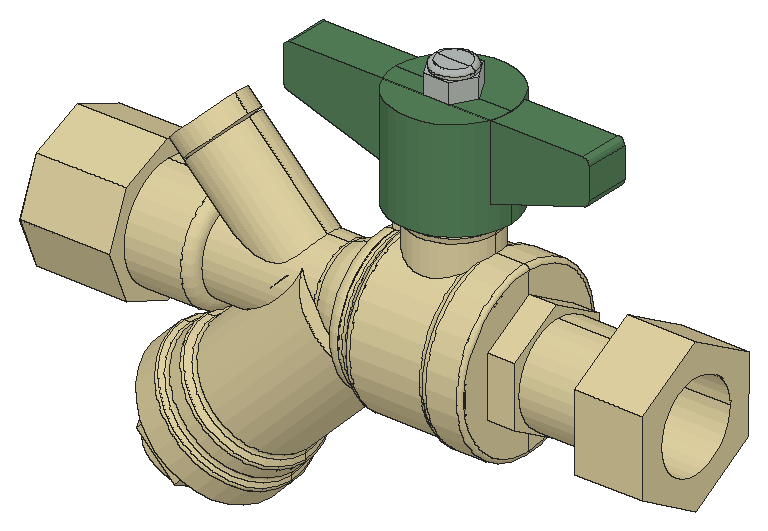
Revit family "QD36290000", category Apparecchi idraulici, Revit 2020
Family settings
  Quota connettore circolare = Usa diametro
  Tipo di parte = Normale
  Numero OmniClass = 23.45.00.00
  Titolo OmniClass = Sanitary, Laundry, and Cleaning Equipment
  Basato su piano di lavoro = No
  Sempre verticale = Sì
  Taglio con vuoti quando caricato = No
  Condiviso = No
  Punto di calcolo locali = No
Parameters
  URL = "https://web.cimberio.it/index.php/figura/1696?subcategoria_id=89"
  Temperatura di esercizio = "-20 ÷ 90°C"
  Prospetto di default = 0 mm
  Produttore = "CIMBERIO SPA"
  Pressione nominale = "PN 16"
  Modello = "Cim 624CRNL/5"
  Materiale = "Prodotto in lega di ottone “CR” – “DZR\" conforme alla norma EN 12165-CW511L-DW"
  Descrizione = "Utilizzato nei più svariati settori dell'impiantistica: reti di distribuzione acqua potabile, impianti di riscaldamento, condizionamento, igienico-sanitari e in generale con ogni fluido non corrosivo"
  DN Model [instance] = QD36292128 : QD36292128
  DN [instance] = 20 mm
  Commenti sul tipo = "Realizzato in ottemperanza ai requisiti gestionali della norma EN ISO 9001.\r\nCollaudato al 100% secondo la normativa EN 12266-1"
Reference planes
  plane 1 "Centro (Fronte/Retro)": y = 0
  plane 2: z = 0
  plane 3 "Centro (Sinistra/Destra)": x = 0
Dimensions and locks
  aligned and locked: level to plane 2
Nested families
  nested 1: "QD36292128" at (0, 0, 0), type <- "DN Model", type "QD36292128"
    with Diametro DN singolo 15 mm, DN 10 mm
  nested 2: "QD36292128" at (0, 0, 0), type <- "DN Model", type "QD36292128"
    with Diametro DN singolo 20 mm, DN 10 mm
  nested 3: "QD36292128" at (0, 0, 0), type <- "DN Model", type "QD36292128"
    with Diametro DN singolo 20 mm, DN 10 mm
  nested 4: "QD36292128" at (0, 0, 0), type <- "DN Model", type "QD36292128"
    with Diametro DN singolo 25 mm, DN 10 mm
  nested 5: "QD36292128" at (0, 0, 0), type <- "DN Model", type "QD36292128"
    with Diametro DN singolo 25 mm, DN 10 mm
  nested 6: "QD36292128" at (0, 0, 0), type <- "DN Model", type "QD36292128"
    with Diametro DN singolo 32 mm, DN 10 mm
  nested 7: "QD36292128" at (0, 0, 0), type <- "DN Model", type "QD36292128"
    with Diametro DN singolo 32 mm, DN 10 mm
  nested 8: "QD36292128" at (0, 0, 0), type <- "DN Model", type "QD36292128"
    with Diametro DN singolo 32 mm, DN 10 mm
  nested 9: "QD36292128" at (0, 0, 0), type <- "DN Model", type "QD36292128"
    with Diametro DN singolo 40 mm, DN 10 mm
  nested 10: "QD36292128" at (0, 0, 0), type <- "DN Model", type "QD36292128"
    with Diametro DN singolo 40 mm, DN 10 mm
  nested 11: "QD36292128" at (0, 0, 0), type <- "DN Model", type "QD36292128"
    with Diametro DN singolo 50 mm, DN 10 mm
Connectors
  piping at (55.3, 0, 0), diameter 20, driven by "DN"
    settings: on nested 1, index 1, connector inside diameter 609.6 mm, connector length 0 mm, flow factor 0, pipe flow 0.0 L/s, pressure drop 0.0 Pa, fitting loss kfactor 0, connector angle 0.00°, fixture units 0, engagement length 0 mm, angle of deflection 0.00°, flow configuration 0, flow direction 0, fitting loss method 0, system type 7, joint type 0, gender type 0, connector reference index -1, connector utility 0, adjustable connector no, is connector primary yes, connector description ""
  piping at (-86, 0, 0), diameter 20, driven by "DN"
    settings: on nested 1, index 2, connector inside diameter 609.6 mm, connector length 0 mm, flow factor 0, pipe flow 0.0 L/s, pressure drop 0.0 Pa, fitting loss kfactor 0, connector angle 0.00°, fixture units 0, engagement length 0 mm, angle of deflection 0.00°, flow configuration 0, flow direction 0, fitting loss method 0, system type 7, joint type 0, gender type 0, connector reference index -1, connector utility 0, adjustable connector no, is connector primary no, connector description ""
Definition of nested family "QD36292128"
  Parameters (values of type "QD36292128")
    Default Elevation = 0 mm
    Diametro DN singolo [instance] = 20 mm
    DN [instance] = 10 mm  # constant formula
  Reference planes
    plane 1 "Centro (Fronte/Retro)": y = 0
    plane 2: z = 0
    plane 3 "Centro (Sinistra/Destra)": x = 0
  Forms (mm)
    Revolve 1, solid
      sketch origin (0, 0, 4.022) x (1, 0, 0) y (0, 0, 1)
        loop
          line (0, 51.8) -> (0, 50.016) -> (4.75, 50.016) -> (4.75, 50.8)
          arc (4.75, 50.8) -> (4.457, 51.507) -> (3.75, 51.8) r 1
          line (3.75, 51.8) -> (0, 51.8)
        axis (0, 51.8) -> (0, 50.016)
      angle from 0 to 360
    Revolve 2, solid
      sketch origin (0, 0, 0) x (1, 0, 0) y (0, 0, 1)
        loop
          line (17.1, -10) -> (-13.503, -10) -> (-13.503, -16.25) -> (-12.621, -16.25)
          arc (-12.621, -16.25) -> (-12.047, -16.364) -> (-11.561, -16.689) r 1.5
          line (-11.561, -16.689) -> (-10.189, -18.061)
          arc (-10.189, -18.061) -> (-9.703, -18.386) -> (-9.129, -18.5) r 1.5
          line (-9.129, -18.5) -> (6.882, -18.5)
          arc (6.882, -18.5) -> (7.494, -18.631) -> (8, -19) r 1.5
          arc (8, -19) -> (8.506, -19.369) -> (9.118, -19.5) r 1.5
          line (9.118, -19.5) -> (16.1, -19.5)
          arc (16.1, -19.5) -> (16.807, -19.207) -> (17.1, -18.5) r 1
          line (17.1, -18.5) -> (17.1, -10)
        axis (17.1, 0) -> (-13.503, 0)
      angle from 0 to 360
    Revolve 3, solid
      sketch origin (0, 0, 0) x (1, 0, 0) y (0, 0, 1)
        loop
          arc (-17.691, 11.916) -> (-20.511, 11.34) -> (-23.169, 10.235) r 15
          arc (-23.169, 10.235) -> (-23.625, 10.06) -> (-24.11, 10) r 2
          line (-24.11, 10) -> (-49.808, 10)
          arc (-49.808, 10) -> (-50.454, 11.928) -> (-52.314, 12.75) r 2.517
          line (-52.314, 12.75) -> (-65.412, 12.75) -> (-65.412, 9) -> (-13.495, 9) -> (-13.495, 16.146)
          arc (-13.495, 16.146) -> (-15.614, 15.818) -> (-16.7, 13.968) r 2.5
          line (-16.7, 13.968) -> (-16.8, 12.824)
          arc (-16.8, 12.824) -> (-17.082, 12.21) -> (-17.691, 11.916) r 1
        axis (-65.412, 0) -> (-13.495, 0)
      angle from 0 to 360
    Extrusion 4, solid
      sketch origin (-11, 0, 0) x (0, 0, 1) y (0, 1, 0)
        loop
          circle (0, 0) r 10
        loop
          line (16.5, 0) -> (11.667, 11.667) -> (0, 16.5) -> (-11.667, 11.667) -> (-16.5, 0) -> (-11.667, -11.667) -> (0, -16.5) -> (11.667, -11.667) -> (16.5, 0)
      from 54.412 to 75
    Extrusion 5, solid
      sketch origin (66.912, 0, 0) x (0, 0, 1) y (0, 1, 0)
        loop
          circle (0, 0) r 7.5
        loop
          line (13.75, 0) -> (6.875, 11.908) -> (-6.875, 11.908) -> (-13.75, 0) -> (-6.875, -11.908) -> (6.875, -11.908) -> (13.75, 0)
      from 43.339 to 49.897
    Revolve 6, solid
      sketch origin (0, 0, 0) x (1, 0, 0) y (0, 0, 1)
        loop
          line (23.528, 11.1) -> (23.528, 7.5) -> (39.877, 7.5) -> (39.877, 11.1) -> (23.528, 11.1)
        axis (23.528, 0) -> (39.877, 0)
      angle from 0 to 360
    Extrusion 7, solid
      sketch origin (0, 0, 0) x (0, 1, 0) y (0, 0, 1)
        loop
          circle (0, 0) r 10
        loop
          line (0, 17.4) -> (-15.069, 8.7) -> (-15.069, -8.7) -> (0, -17.4) -> (15.069, -8.7) -> (15.069, 8.7) -> (0, 17.4)
      from 39.762 to 55.3
    Revolve 8, solid
      sketch origin (0, 0, 4.062) x (1, 0, 0) y (0, 0, 1)
        loop
          line (0, 29.382) -> (0, 10.626) -> (9.5, 10.626) -> (9.5, 19.282) -> (10, 20.604) -> (10, 29.382) -> (0, 29.382)
        axis (0, 29.382) -> (0, 10.626)
      angle from 0 to 360
    Extrusion 9, solid
      sketch origin (0, 0, 4.062) x (1, 0, 0) y (0, 0, 1)
        loop
          line (-8.5, 27.243) -> (-14, 27.243) -> (-14, 10.666) -> (-8.5, 10.666) -> (-8.5, 27.243)
      from -1.851 to 0
    Revolve 10, solid
      sketch origin (0, 0, 0) x (1, 0, 0) y (0, 0, 1)
        loop
          line (-52.6, 21.793) -> (-33.184, 2.378) -> (-27.27, 8.291) -> (-46.686, 27.707) -> (-52.6, 21.793)
        axis (-52.6, 21.793) -> (-33.184, 2.378)
      angle from 0 to 360
    Revolve 11, solid
      sketch origin (0, 0, 0) x (1, 0, 0) y (0, 0, 1)
        loop
          line (-54.133, -36.133) -> (-41.759, -48.508) -> (-37.463, -44.211)
          arc (-37.463, -44.211) -> (-37.246, -43.887) -> (-37.17, -43.504) r 1
          line (-37.17, -43.504) -> (-37.17, -42.418)
          arc (-37.17, -42.418) -> (-37.055, -41.844) -> (-36.73, -41.358) r 1.5
          line (-36.73, -41.358) -> (-34.281, -38.908)
          arc (-34.281, -38.908) -> (-34.064, -38.584) -> (-33.988, -38.201) r 1
          line (-33.988, -38.201) -> (-33.988, -36.762)
          arc (-33.988, -36.762) -> (-33.874, -36.188) -> (-33.548, -35.701) r 1.5
          line (-33.548, -35.701) -> (-10.068, -12.22) -> (-20.144, -2.144) -> (-54.133, -36.133)
        axis (-54.133, -36.133) -> (-20.144, -2.144)
      angle from 0 to 360
    Extrusion 12, solid
      sketch origin (-52.6, 0, 21.793) x (0.707107, 0, 0.707107) y (0, 1, 0)
        loop
          circle (0, 0) r 8.363
      from 0.5 to 5
    Extrusion 13, solid
      sketch origin (-54.133, 0, -36.133) x (0, 1, 0) y (0.707107, 0, -0.707107)
        loop
          line (0, -12.25) -> (10.609, -6.125) -> (10.609, 6.125) -> (0, 12.25) -> (-10.609, 6.125) -> (-10.609, -6.125) -> (0, -12.25)
      from 0 to 8
    Revolve 14, solid
      sketch origin (0, 0, 0) x (1, 0, 0) y (0, 0, 1)
        loop
          line (1.6, 26.806) -> (13.134, 26.806) -> (13.134, 49.806) -> (-0.078, 49.806) -> (-0.078, 32.806) -> (1.6, 32.806) -> (1.6, 26.806)
        axis (-0.078, 49.806) -> (-0.078, 26.806)
      angle from 0 to 360
    Extrusion 15, solid
      sketch origin (0, 0, 0) x (1, 0, 0) y (0, 0, 1)
        loop
          arc (-35, 41.232) -> (-34.714, 40.35) -> (-33.964, 39.806) r 1.5
          line (-33.964, 39.806) -> (-12.42, 32.806) -> (12.42, 32.806) -> (33.964, 39.806)
          arc (33.964, 39.806) -> (34.714, 40.35) -> (35, 41.232) r 1.5
          line (35, 41.232) -> (35, 48.306)
          arc (35, 48.306) -> (34.561, 49.366) -> (33.5, 49.806) r 1.5
          line (33.5, 49.806) -> (-33.5, 49.806)
          arc (-33.5, 49.806) -> (-34.561, 49.366) -> (-35, 48.306) r 1.5
          line (-35, 48.306) -> (-35, 41.232)
      from -5 to 5
    Extrusion 16, solid
      sketch origin (0, 0, 28.55) x (1, 0, 0) y (0, 1, 0)
        loop
          line (5.778, 0) -> (2.889, 5.004) -> (-2.889, 5.004) -> (-5.778, 0) -> (-2.889, -5.004) -> (2.889, -5.004) -> (5.778, 0)
      from 21.256 to 25.756
    Extrusion 17, solid
      sketch origin (-59.124, 0, -41.021) x (-0.707107, 0, 0.707107) y (0, 1, 0)
        loop
          circle (0, 0) r 8.363
      from 0.5 to 5
  Dimensions and locks
    "Diametro DN singolo": diameter of Extrusion 4
    aligned and locked: level to plane 2
  Automatic sketch dimensions
    Revolve 1 sketch curve to plane 3 "Centro (Sinistra/Destra)" = 0 mm  (x2)
    plane 3 "Centro (Sinistra/Destra)" to Revolve 1 sketch curve = 3.75 mm
    Revolve 1 sketch curve to Revolve 1 sketch curve = 0 mm
    Revolve 1 sketch curve to Revolve 1 sketch curve = 1 mm
    level to Revolve 1 sketch curve = 54.038 mm
    Revolve 1 sketch curve to Revolve 1 sketch curve = 0.784 mm
    Revolve 1 sketch curve to Revolve 1 sketch curve = 1.784 mm
    Revolve 1 sketch curve to Revolve 1 sketch curve = 1.72 mm
    Revolve 1 sketch curve to Revolve 1 sketch curve = 1.069 mm
    Revolve 2 sketch curve to level = 0 mm
    Revolve 2 sketch curve to plane 3 "Centro (Sinistra/Destra)" = 13.503 mm
    Revolve 2 sketch curve to Revolve 2 sketch curve = 0.882 mm
    Revolve 2 sketch curve to Revolve 2 sketch curve = 1.061 mm  (x3)
    Revolve 2 sketch curve to Revolve 2 sketch curve = 1.371 mm
    plane 3 "Centro (Sinistra/Destra)" to Revolve 2 sketch curve = 6.882 mm
    Revolve 2 sketch curve to Revolve 2 sketch curve = 2.236 mm
    Revolve 2 sketch curve to Revolve 2 sketch curve = 6.982 mm
    Revolve 2 sketch curve to Revolve 2 sketch curve = 1 mm
    Revolve 2 sketch curve to level = 10 mm
    Revolve 2 sketch curve to Revolve 2 sketch curve = 6.25 mm
    Revolve 2 sketch curve to Revolve 2 sketch curve = 0.439 mm
    Revolve 2 sketch curve to Revolve 2 sketch curve = 0.311 mm
    Revolve 2 sketch curve to Revolve 2 sketch curve = 8 mm
    Revolve 2 sketch curve to Revolve 2 sketch curve = 0.5 mm
    Revolve 2 sketch curve to Revolve 2 sketch curve = 1.5 mm
    Revolve 2 sketch curve to Revolve 2 sketch curve = 64.061 mm
    Revolve 2 sketch curve to Revolve 2 sketch curve = 42.9 mm
    Revolve 3 sketch curve to level = 0 mm
    level to Revolve 3 sketch curve = 9 mm
    Revolve 3 sketch curve to plane 3 "Centro (Sinistra/Destra)" = 65.412 mm
    Revolve 3 sketch curve to Revolve 3 sketch curve = 13.098 mm
    Revolve 3 sketch curve to Revolve 3 sketch curve = 2.507 mm
    level to Revolve 3 sketch curve = 12 mm
    Revolve 3 sketch curve to plane 3 "Centro (Sinistra/Destra)" = 24.11 mm
    Revolve 3 sketch curve to Revolve 3 sketch curve = 6.314 mm
    Revolve 3 sketch curve to Revolve 3 sketch curve = 0.996 mm
    Revolve 3 sketch curve to Revolve 3 sketch curve = 0.1 mm
    Revolve 3 sketch curve to level = 3 mm
    Revolve 3 sketch curve to Revolve 3 sketch curve = 8 mm
    Revolve 3 sketch curve to Revolve 3 sketch curve = 2.49 mm
    Revolve 3 sketch curve to Revolve 3 sketch curve = 0.715 mm
    Revolve 3 sketch curve to Revolve 3 sketch curve = 2 mm
    Revolve 3 sketch curve to Revolve 3 sketch curve = 0.233 mm
    Revolve 3 sketch curve to Revolve 3 sketch curve = 3.824 mm
    Revolve 3 sketch curve to Revolve 3 sketch curve = 0.087 mm
    Revolve 3 sketch curve to Revolve 3 sketch curve = 0.926 mm
    Revolve 3 sketch curve to Revolve 3 sketch curve = 1.144 mm
    Revolve 3 sketch curve to Revolve 3 sketch curve = 10.589 mm
    Revolve 3 sketch curve to Revolve 3 sketch curve = 0 mm
    Revolve 3 sketch curve to plane 3 "Centro (Sinistra/Destra)" = 7.332 mm
    Extrusion 4 sketch curve to plane 1 "Centro (Fronte/Retro)" = 0 mm  (x3)
    Extrusion 4 sketch curve to level = 0 mm  (x3)
    Extrusion 4 sketch curve to level = 11.667 mm  (x2)
    Extrusion 4 sketch curve to Extrusion 4 sketch curve = 4.833 mm  (x4)
    level to Extrusion 4 sketch curve = 11.667 mm  (x2)
    plane 1 "Centro (Fronte/Retro)" to Extrusion 4 sketch curve = 11.667 mm  (x2)
    Extrusion 4 sketch curve to plane 1 "Centro (Fronte/Retro)" = 11.667 mm  (x2)
    Extrusion 5 sketch curve to plane 1 "Centro (Fronte/Retro)" = 0 mm  (x3)
    Extrusion 5 sketch curve to level = 0 mm
    Extrusion 5 sketch curve to level = 6.875 mm  (x2)
    Extrusion 5 sketch curve to Extrusion 5 sketch curve = 6.875 mm
    level to Extrusion 5 sketch curve = 6.875 mm  (x2)
    level to Extrusion 5 sketch curve = 13.75 mm
    plane 1 "Centro (Fronte/Retro)" to Extrusion 5 sketch curve = 11.908 mm
    Extrusion 5 sketch curve to plane 1 "Centro (Fronte/Retro)" = 11.908 mm
    Revolve 6 sketch curve to level = 0 mm
    level to Revolve 6 sketch curve = 7.5 mm
    plane 3 "Centro (Sinistra/Destra)" to Revolve 6 sketch curve = 23.528 mm
    Revolve 6 sketch curve to Revolve 6 sketch curve = 16.35 mm
    Revolve 6 sketch curve to Revolve 6 sketch curve = 3.6 mm
    plane 3 "Centro (Sinistra/Destra)" to Revolve 6 sketch curve = 11.331 mm
    Revolve 6 sketch curve to Revolve 6 sketch curve = 4.332 mm
    Extrusion 7 sketch curve to plane 1 "Centro (Fronte/Retro)" = 0 mm  (x3)
    Extrusion 7 sketch curve to level = 0 mm
    plane 1 "Centro (Fronte/Retro)" to Extrusion 7 sketch curve = 15.069 mm
    Extrusion 7 sketch curve to plane 1 "Centro (Fronte/Retro)" = 15.069 mm
    Extrusion 7 sketch curve to level = 8.7 mm  (x2)
    Extrusion 7 sketch curve to Extrusion 7 sketch curve = 8.7 mm  (x2)
    level to Extrusion 7 sketch curve = 8.7 mm  (x2)
    Revolve 8 sketch curve to plane 3 "Centro (Sinistra/Destra)" = 0 mm  (x2)
    plane 3 "Centro (Sinistra/Destra)" to Revolve 8 sketch curve = 9.5 mm
    Revolve 8 sketch curve to Revolve 8 sketch curve = 0.5 mm
    level to Revolve 8 sketch curve = 14.689 mm
    Revolve 8 sketch curve to Revolve 8 sketch curve = 8.655 mm
    Revolve 8 sketch curve to Revolve 8 sketch curve = 1.323 mm
    Revolve 8 sketch curve to Revolve 8 sketch curve = 8.778 mm
    Revolve 8 sketch curve to Revolve 8 sketch curve = 2.75 mm
    Revolve 8 sketch curve to Revolve 8 sketch curve = 7.905 mm
    Extrusion 9 sketch curve to plane 3 "Centro (Sinistra/Destra)" = 14 mm
    Extrusion 9 sketch curve to Extrusion 9 sketch curve = 5.5 mm
    level to Extrusion 9 sketch curve = 14.728 mm
    Extrusion 9 sketch curve to Extrusion 9 sketch curve = 16.577 mm
    Revolve 10 sketch curve to plane 3 "Centro (Sinistra/Destra)" = 52.6 mm
    level to Revolve 10 sketch curve = 27.707 mm
    Revolve 10 sketch curve to Revolve 10 sketch curve = 5.914 mm
    level to Revolve 10 sketch curve = 2.378 mm
    Revolve 10 sketch curve to Revolve 10 sketch curve = 19.416 mm
    level to Revolve 10 sketch curve = 21.793 mm
    Revolve 10 sketch curve to Revolve 10 sketch curve = 0 mm
    level to Revolve 10 sketch curve = 1.572 mm
    Revolve 10 sketch curve to Revolve 10 sketch curve = 0.806 mm
    Revolve 11 sketch curve to plane 3 "Centro (Sinistra/Destra)" = 54.133 mm
    Revolve 11 sketch curve to Revolve 11 sketch curve = 12.374 mm
    Revolve 11 sketch curve to Revolve 11 sketch curve = 3.589 mm
    Revolve 11 sketch curve to Revolve 11 sketch curve = 0.707 mm  (x2)
    Revolve 11 sketch curve to Revolve 11 sketch curve = 0.293 mm  (x2)
    Revolve 11 sketch curve to Revolve 11 sketch curve = 0.439 mm  (x2)
    Revolve 11 sketch curve to Revolve 11 sketch curve = 1.5 mm
    Revolve 11 sketch curve to Revolve 11 sketch curve = 1.743 mm
    Revolve 11 sketch curve to Revolve 11 sketch curve = 1.061 mm
    Revolve 11 sketch curve to level = 2.144 mm
    Revolve 11 sketch curve to plane 3 "Centro (Sinistra/Destra)" = 20.144 mm
    Revolve 11 sketch curve to plane 3 "Centro (Sinistra/Destra)" = 10.068 mm
    Revolve 11 sketch curve to level = 12.22 mm
    Revolve 11 sketch curve to Revolve 11 sketch curve = 1.439 mm
    Revolve 11 sketch curve to Revolve 11 sketch curve = 2.146 mm
    Revolve 11 sketch curve to Revolve 11 sketch curve = 2.577 mm  (x2)
    Revolve 11 sketch curve to level = 1.166 mm
    Revolve 11 sketch curve to Revolve 11 sketch curve = 0.978 mm
    plane 1 "Centro (Fronte/Retro)" to Extrusion 12 sketch curve = 0 mm
    Extrusion 13 sketch curve to Revolve 11 = 0 mm  (x2)
    Revolve 11 to Extrusion 13 sketch curve = 10.609 mm
    Extrusion 13 sketch curve to Revolve 11 = 10.609 mm
    Extrusion 13 sketch curve to Extrusion 13 sketch curve = 6.125 mm  (x3)
    Extrusion 13 sketch curve to Extrusion 13 sketch curve = 12.25 mm  (x2)
    Revolve 14 sketch curve to plane 3 "Centro (Sinistra/Destra)" = 0.078 mm  (x2)
    plane 3 "Centro (Sinistra/Destra)" to Revolve 14 sketch curve = 1.6 mm
    Revolve 14 sketch curve to Revolve 14 sketch curve = 11.534 mm
    level to Revolve 14 sketch curve = 26.806 mm
    Revolve 14 sketch curve to Revolve 14 sketch curve = 6 mm
    Revolve 14 sketch curve to Revolve 14 sketch curve = 17 mm
    Revolve 14 sketch curve to Revolve 14 sketch curve = 8.327 mm
    Revolve 14 sketch curve to Revolve 14 sketch curve = 13.673 mm
    Extrusion 15 sketch curve to plane 3 "Centro (Sinistra/Destra)" = 35 mm
    Extrusion 15 sketch curve to Extrusion 15 sketch curve = 1.036 mm
    Extrusion 15 sketch curve to Extrusion 15 sketch curve = 1.5 mm  (x3)
    Extrusion 15 sketch curve to plane 3 "Centro (Sinistra/Destra)" = 12.42 mm
    plane 3 "Centro (Sinistra/Destra)" to Extrusion 15 sketch curve = 12.42 mm
    Extrusion 15 sketch curve to Extrusion 15 sketch curve = 21.08 mm
    Extrusion 15 sketch curve to Extrusion 15 sketch curve = 0 mm  (x4)
    Extrusion 15 sketch curve to Extrusion 15 sketch curve = 0.464 mm
    level to Extrusion 15 sketch curve = 32.806 mm
    Extrusion 15 sketch curve to Extrusion 15 sketch curve = 7 mm  (x2)
    Extrusion 15 sketch curve to Extrusion 15 sketch curve = 7.073 mm  (x2)
    plane 1 "Centro (Fronte/Retro)" to Extrusion 16 sketch curve = 0 mm  (x2)
    Extrusion 16 sketch curve to plane 3 "Centro (Sinistra/Destra)" = 5.778 mm
    Extrusion 16 sketch curve to plane 3 "Centro (Sinistra/Destra)" = 2.889 mm  (x2)
    plane 3 "Centro (Sinistra/Destra)" to Extrusion 16 sketch curve = 2.889 mm  (x2)
    Extrusion 16 sketch curve to Extrusion 16 sketch curve = 2.889 mm
    plane 1 "Centro (Fronte/Retro)" to Extrusion 16 sketch curve = 5.004 mm
    Extrusion 16 sketch curve to plane 1 "Centro (Fronte/Retro)" = 5.004 mm
    Extrusion 17 sketch curve to plane 1 "Centro (Fronte/Retro)" = 0 mm
    radius of Extrusion 4 sketch curve = 10 mm
    radius of Extrusion 5 sketch curve = 7.5 mm
    radius of Extrusion 7 sketch curve = 10 mm
    radius of Extrusion 12 sketch curve = 8.363 mm
    radius of Extrusion 17 sketch curve = 8.363 mm
